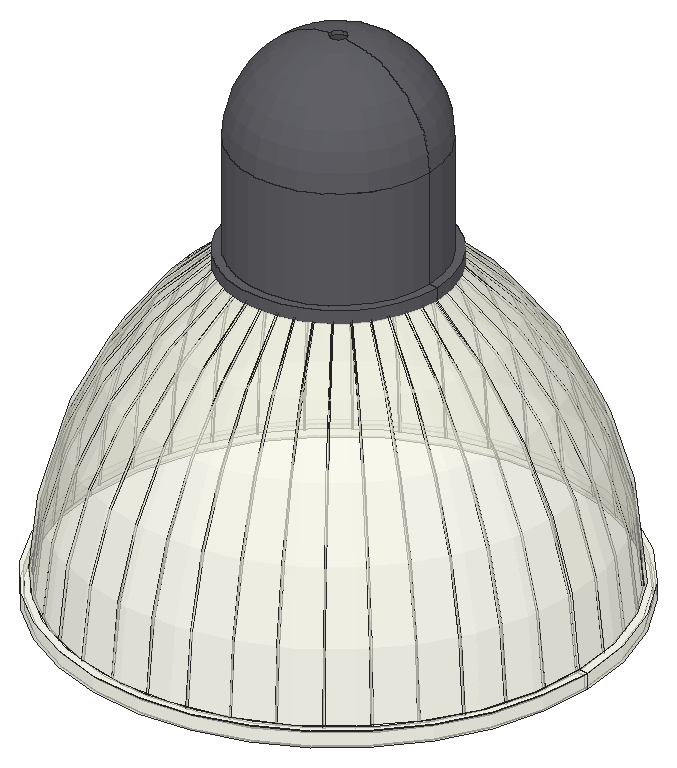
Revit family "PC16", category Lighting Fixtures, Revit 2024
Family settings
  Round Connector Dimension = Use Diameter
  Part Type = Normal
  OmniClass Number = 23.80.70.00
  OmniClass Title = Lighting
  Work Plane-Based = No
  Always vertical = Yes
  Cut with Voids When Loaded = No
  Light Source = No
  Maintain Annotation Orientation = No
  Shared = No
  Room Calculation Point = No
Parameters
  Default Elevation = 0' - 0"
Reference planes (in)
  plane 1 "Light Source Axis (F/B)": y = 0
  plane 2: z = 0
  plane 3 "Light Source Axis (L/R)": x = 0
  plane 4 "Light Source Elevation": z = 54
Forms (in)
  Sweep 1, solid, material "GLASS SHADE", not visible
    path origin (75.968, 0, 0.00093) x (1, 0, 0) y (0, 0, 1)
      loop
        arc (-4.5864, 68.3252) -> (-8.91952, 61.72019) -> (-10.59309, 54) r 21.63816
    profile origin (67.04848, 0, 61.72112) x (0.922209, 0, -0.386691) y (0, -1, 0)
      loop
        circle (0, 0) r 0.03125
  Revolve 2, solid, material "99"
    sketch origin (0, 0, 3.99846) x (1, 0, 0) y (0, 0, 1)
      loop
        line (0.25, 65.99083) -> (0.25, 65.89673)
        arc (0.25, 65.89673) -> (2.08781, 64.9884) -> (2.83025, 63.07754) r 2.83025
        line (2.83025, 63.07754) -> (2.83025, 59.78279) -> (3.09106, 59.78279) -> (3.09106, 59.50154) -> (3.18481, 59.50154) -> (3.18481, 59.87654) -> (2.924, 59.87654) -> (2.924, 63.07754)
        arc (2.924, 63.07754) -> (2.15415, 65.05476) -> (0.25, 65.99083) r 2.924
      axis (0, 65.99083) -> (0, 59.50154)
    angle from 0 to 360
  Revolve 3, solid, material "GLASS SHADE"
    sketch origin (0, 0, 0) x (1, 0, 0) y (0, 0, 1)
      loop
        line (3.09106, 63.5) -> (3.03534, 63.4246)
        arc (3.03534, 63.4246) -> (6.40912, 59.44947) -> (7.66133, 54.38823) r 11.40547
        line (7.66133, 54.38823) -> (7.90626, 54.38823) -> (7.90626, 54) -> (8.00001, 54) -> (8.00001, 54.48198) -> (7.75359, 54.48198)
        arc (7.75359, 54.48198) -> (6.47138, 59.53338) -> (3.09106, 63.5) r 11.49922
      axis (0, 54) -> (0, 63.5)
    angle from 0 to 360
  Sweep 4, solid, material "GLASS SHADE"
    path origin (0.01562, 0, 0) x (1, 0, 0) y (0, 0, 1)
      loop
        arc (-3.09106, 63.5) -> (-6.40802, 59.46166) -> (-7.66133, 54.38823) r 11.82937
    profile origin (-6.3924, 0, 59.46166) x (0.893862, 0, -0.448342) y (0, -1, 0)
      loop
        circle (0, 0) r 0.03125
  Sweep 5, solid, material "GLASS SHADE"
    path origin (0.01543, -0.00244, 0) x (0.987688, -0.156434, 0) y (0, 0, 1)
      loop
        arc (-3.09106, 63.5) -> (-6.40802, 59.46166) -> (-7.66133, 54.38823) r 11.82937
    profile origin (-6.31369, 0.99999, 59.46166) x (0.882857, -0.139831, -0.448342) y (-0.156434, -0.987688, 0)
      loop
        circle (0, 0) r 0.03125
  Sweep 6, solid, material "GLASS SHADE"
    path origin (0.01543, 0.00244, 0) x (0.987688, 0.156434, 0) y (0, 0, 1)
      loop
        arc (-3.09106, 63.5) -> (-6.40802, 59.46166) -> (-7.66133, 54.38823) r 11.82937
    profile origin (-6.31369, -0.99999, 59.46166) x (0.882857, 0.139831, -0.448342) y (0.156434, -0.987688, 0)
      loop
        circle (0, 0) r 0.03125
  Sweep 7, solid, material "GLASS SHADE"
    path origin (0.01486, 0.00483, 0) x (0.951057, 0.309017, 0) y (0, 0, 1)
      loop
        arc (-3.09106, 63.5) -> (-6.40802, 59.46166) -> (-7.66133, 54.38823) r 11.82937
    profile origin (-6.07953, -1.97536, 59.46166) x (0.850113, 0.276219, -0.448342) y (0.309017, -0.951057, 0)
      loop
        circle (0, 0) r 0.03125
  Sweep 8, solid, material "GLASS SHADE"
    path origin (0.01392, 0.00709, 0) x (0.891007, 0.45399, 0) y (0, 0, 1)
      loop
        arc (-3.09106, 63.5) -> (-6.40802, 59.46166) -> (-7.66133, 54.38823) r 11.82937
    profile origin (-5.69567, -2.90209, 59.46166) x (0.796437, 0.405805, -0.448342) y (0.45399, -0.891007, 0)
      loop
        circle (0, 0) r 0.03125
  Sweep 9, solid, material "GLASS SHADE"
    path origin (0.01264, 0.00918, 0) x (0.809017, 0.587785, 0) y (0, 0, 1)
      loop
        arc (-3.09106, 63.5) -> (-6.40802, 59.46166) -> (-7.66133, 54.38823) r 11.82937
    profile origin (-5.17156, -3.75736, 59.46166) x (0.72315, 0.525399, -0.448342) y (0.587785, -0.809017, 0)
      loop
        circle (0, 0) r 0.03125
  Sweep 10, solid, material "GLASS SHADE"
    path origin (0.01105, 0.01105, 0) x (0.707107, 0.707107, 0) y (0, 0, 1)
      loop
        arc (-3.09106, 63.5) -> (-6.40802, 59.46166) -> (-7.66133, 54.38823) r 11.82937
    profile origin (-4.52011, -4.52011, 59.46166) x (0.632056, 0.632056, -0.448342) y (0.707107, -0.707107, 0)
      loop
        circle (0, 0) r 0.03125
  Sweep 11, solid, material "GLASS SHADE"
    path origin (0.00918, 0.01264, 0) x (0.587785, 0.809017, 0) y (0, 0, 1)
      loop
        arc (-3.09106, 63.5) -> (-6.40802, 59.46166) -> (-7.66133, 54.38823) r 11.82937
    profile origin (-3.75736, -5.17156, 59.46166) x (0.525399, 0.72315, -0.448342) y (0.809017, -0.587785, 0)
      loop
        circle (0, 0) r 0.03125
  Sweep 12, solid, material "GLASS SHADE"
    path origin (0.00709, 0.01392, 0) x (0.45399, 0.891007, 0) y (0, 0, 1)
      loop
        arc (-3.09106, 63.5) -> (-6.40802, 59.46166) -> (-7.66133, 54.38823) r 11.82937
    profile origin (-2.90209, -5.69567, 59.46166) x (0.405805, 0.796437, -0.448342) y (0.891007, -0.45399, 0)
      loop
        circle (0, 0) r 0.03125
  Sweep 13, solid, material "GLASS SHADE"
    path origin (0.00483, 0.01486, 0) x (0.309017, 0.951057, 0) y (0, 0, 1)
      loop
        arc (-3.09106, 63.5) -> (-6.40802, 59.46166) -> (-7.66133, 54.38823) r 11.82937
    profile origin (-1.97536, -6.07953, 59.46166) x (0.276219, 0.850113, -0.448342) y (0.951057, -0.309017, 0)
      loop
        circle (0, 0) r 0.03125
  Sweep 14, solid, material "GLASS SHADE"
    path origin (0.00244, 0.01543, 0) x (0.156434, 0.987688, 0) y (0, 0, 1)
      loop
        arc (-3.09106, 63.5) -> (-6.40802, 59.46166) -> (-7.66133, 54.38823) r 11.82937
    profile origin (-0.99999, -6.31369, 59.46166) x (0.139831, 0.882857, -0.448342) y (0.987688, -0.156434, 0)
      loop
        circle (0, 0) r 0.03125
  Sweep 15, solid, material "GLASS SHADE"
    path origin (0, 0.01562, 0) x (0, 1, 0) y (0, 0, 1)
      loop
        arc (-3.09106, 63.5) -> (-6.40802, 59.46166) -> (-7.66133, 54.38823) r 11.82937
    profile origin (0, -6.3924, 59.46166) x (0, 0.893862, -0.448342) y (1, 0, 0)
      loop
        circle (0, 0) r 0.03125
  Sweep 16, solid, material "GLASS SHADE"
    path origin (-0.00244, 0.01543, 0) x (-0.156434, 0.987688, 0) y (0, 0, 1)
      loop
        arc (-3.09106, 63.5) -> (-6.40802, 59.46166) -> (-7.66133, 54.38823) r 11.82937
    profile origin (0.99999, -6.31369, 59.46166) x (-0.139831, 0.882857, -0.448342) y (0.987688, 0.156434, 0)
      loop
        circle (0, 0) r 0.03125
  Sweep 17, solid, material "GLASS SHADE"
    path origin (-0.00483, 0.01486, 0) x (-0.309017, 0.951057, 0) y (0, 0, 1)
      loop
        arc (-3.09106, 63.5) -> (-6.40802, 59.46166) -> (-7.66133, 54.38823) r 11.82937
    profile origin (1.97536, -6.07953, 59.46166) x (-0.276219, 0.850113, -0.448342) y (0.951057, 0.309017, 0)
      loop
        circle (0, 0) r 0.03125
  Sweep 18, solid, material "GLASS SHADE"
    path origin (-0.00709, 0.01392, 0) x (-0.45399, 0.891007, 0) y (0, 0, 1)
      loop
        arc (-3.09106, 63.5) -> (-6.40802, 59.46166) -> (-7.66133, 54.38823) r 11.82937
    profile origin (2.90209, -5.69567, 59.46166) x (-0.405805, 0.796437, -0.448342) y (0.891007, 0.45399, 0)
      loop
        circle (0, 0) r 0.03125
  Sweep 19, solid, material "GLASS SHADE"
    path origin (-0.00918, 0.01264, 0) x (-0.587785, 0.809017, 0) y (0, 0, 1)
      loop
        arc (-3.09106, 63.5) -> (-6.40802, 59.46166) -> (-7.66133, 54.38823) r 11.82937
    profile origin (3.75736, -5.17156, 59.46166) x (-0.525399, 0.72315, -0.448342) y (0.809017, 0.587785, 0)
      loop
        circle (0, 0) r 0.03125
  Sweep 20, solid, material "GLASS SHADE"
    path origin (-0.01105, 0.01105, 0) x (-0.707107, 0.707107, 0) y (0, 0, 1)
      loop
        arc (-3.09106, 63.5) -> (-6.40802, 59.46166) -> (-7.66133, 54.38823) r 11.82937
    profile origin (4.52011, -4.52011, 59.46166) x (-0.632056, 0.632056, -0.448342) y (0.707107, 0.707107, 0)
      loop
        circle (0, 0) r 0.03125
  Sweep 21, solid, material "GLASS SHADE"
    path origin (-0.01264, 0.00918, 0) x (-0.809017, 0.587785, 0) y (0, 0, 1)
      loop
        arc (-3.09106, 63.5) -> (-6.40802, 59.46166) -> (-7.66133, 54.38823) r 11.82937
    profile origin (5.17156, -3.75736, 59.46166) x (-0.72315, 0.525399, -0.448342) y (0.587785, 0.809017, 0)
      loop
        circle (0, 0) r 0.03125
  Sweep 22, solid, material "GLASS SHADE"
    path origin (-0.01392, 0.00709, 0) x (-0.891007, 0.45399, 0) y (0, 0, 1)
      loop
        arc (-3.09106, 63.5) -> (-6.40802, 59.46166) -> (-7.66133, 54.38823) r 11.82937
    profile origin (5.69567, -2.90209, 59.46166) x (-0.796437, 0.405805, -0.448342) y (0.45399, 0.891007, 0)
      loop
        circle (0, 0) r 0.03125
  Sweep 23, solid, material "GLASS SHADE"
    path origin (-0.01486, 0.00483, 0) x (-0.951057, 0.309017, 0) y (0, 0, 1)
      loop
        arc (-3.09106, 63.5) -> (-6.40802, 59.46166) -> (-7.66133, 54.38823) r 11.82937
    profile origin (6.07953, -1.97536, 59.46166) x (-0.850113, 0.276219, -0.448342) y (0.309017, 0.951057, 0)
      loop
        circle (0, 0) r 0.03125
  Sweep 24, solid, material "GLASS SHADE"
    path origin (-0.01543, 0.00244, 0) x (-0.987688, 0.156434, 0) y (0, 0, 1)
      loop
        arc (-3.09106, 63.5) -> (-6.40802, 59.46166) -> (-7.66133, 54.38823) r 11.82937
    profile origin (6.31369, -0.99999, 59.46166) x (-0.882857, 0.139831, -0.448342) y (0.156434, 0.987688, 0)
      loop
        circle (0, 0) r 0.03125
  Sweep 25, solid, material "GLASS SHADE"
    path origin (-0.01562, 0, 0) x (-1, 0, 0) y (0, 0, 1)
      loop
        arc (-3.09106, 63.5) -> (-6.40802, 59.46166) -> (-7.66133, 54.38823) r 11.82937
    profile origin (6.3924, 0, 59.46166) x (-0.893862, 0, -0.448342) y (0, 1, 0)
      loop
        circle (0, 0) r 0.03125
  Sweep 26, solid, material "GLASS SHADE"
    path origin (-0.01543, -0.00244, 0) x (-0.987688, -0.156434, 0) y (0, 0, 1)
      loop
        arc (-3.09106, 63.5) -> (-6.40802, 59.46166) -> (-7.66133, 54.38823) r 11.82937
    profile origin (6.31369, 0.99999, 59.46166) x (-0.882857, -0.139831, -0.448342) y (-0.156434, 0.987688, 0)
      loop
        circle (0, 0) r 0.03125
  Sweep 27, solid, material "GLASS SHADE"
    path origin (-0.01486, -0.00483, 0) x (-0.951057, -0.309017, 0) y (0, 0, 1)
      loop
        arc (-3.09106, 63.5) -> (-6.40802, 59.46166) -> (-7.66133, 54.38823) r 11.82937
    profile origin (6.07953, 1.97536, 59.46166) x (-0.850113, -0.276219, -0.448342) y (-0.309017, 0.951057, 0)
      loop
        circle (0, 0) r 0.03125
  Sweep 28, solid, material "GLASS SHADE"
    path origin (-0.01392, -0.00709, 0) x (-0.891007, -0.45399, 0) y (0, 0, 1)
      loop
        arc (-3.09106, 63.5) -> (-6.40802, 59.46166) -> (-7.66133, 54.38823) r 11.82937
    profile origin (5.69567, 2.90209, 59.46166) x (-0.796437, -0.405805, -0.448342) y (-0.45399, 0.891007, 0)
      loop
        circle (0, 0) r 0.03125
  Sweep 29, solid, material "GLASS SHADE"
    path origin (-0.01264, -0.00918, 0) x (-0.809017, -0.587785, 0) y (0, 0, 1)
      loop
        arc (-3.09106, 63.5) -> (-6.40802, 59.46166) -> (-7.66133, 54.38823) r 11.82937
    profile origin (5.17156, 3.75736, 59.46166) x (-0.72315, -0.525399, -0.448342) y (-0.587785, 0.809017, 0)
      loop
        circle (0, 0) r 0.03125
  Sweep 30, solid, material "GLASS SHADE"
    path origin (-0.01105, -0.01105, 0) x (-0.707107, -0.707107, 0) y (0, 0, 1)
      loop
        arc (-3.09106, 63.5) -> (-6.40802, 59.46166) -> (-7.66133, 54.38823) r 11.82937
    profile origin (4.52011, 4.52011, 59.46166) x (-0.632056, -0.632056, -0.448342) y (-0.707107, 0.707107, 0)
      loop
        circle (0, 0) r 0.03125
  Sweep 31, solid, material "GLASS SHADE"
    path origin (-0.00918, -0.01264, 0) x (-0.587785, -0.809017, 0) y (0, 0, 1)
      loop
        arc (-3.09106, 63.5) -> (-6.40802, 59.46166) -> (-7.66133, 54.38823) r 11.82937
    profile origin (3.75736, 5.17156, 59.46166) x (-0.525399, -0.72315, -0.448342) y (-0.809017, 0.587785, 0)
      loop
        circle (0, 0) r 0.03125
  Sweep 32, solid, material "GLASS SHADE"
    path origin (-0.00709, -0.01392, 0) x (-0.45399, -0.891007, 0) y (0, 0, 1)
      loop
        arc (-3.09106, 63.5) -> (-6.40802, 59.46166) -> (-7.66133, 54.38823) r 11.82937
    profile origin (2.90209, 5.69567, 59.46166) x (-0.405805, -0.796437, -0.448342) y (-0.891007, 0.45399, 0)
      loop
        circle (0, 0) r 0.03125
  Sweep 33, solid, material "GLASS SHADE"
    path origin (-0.00483, -0.01486, 0) x (-0.309017, -0.951057, 0) y (0, 0, 1)
      loop
        arc (-3.09106, 63.5) -> (-6.40802, 59.46166) -> (-7.66133, 54.38823) r 11.82937
    profile origin (1.97536, 6.07953, 59.46166) x (-0.276219, -0.850113, -0.448342) y (-0.951057, 0.309017, 0)
      loop
        circle (0, 0) r 0.03125
  Sweep 34, solid, material "GLASS SHADE"
    path origin (-0.00244, -0.01543, 0) x (-0.156434, -0.987688, 0) y (0, 0, 1)
      loop
        arc (-3.09106, 63.5) -> (-6.40802, 59.46166) -> (-7.66133, 54.38823) r 11.82937
    profile origin (0.99999, 6.31369, 59.46166) x (-0.139831, -0.882857, -0.448342) y (-0.987688, 0.156434, 0)
      loop
        circle (0, 0) r 0.03125
  Sweep 35, solid, material "GLASS SHADE"
    path origin (0, -0.01562, 0) x (0, -1, 0) y (0, 0, 1)
      loop
        arc (-3.09106, 63.5) -> (-6.40802, 59.46166) -> (-7.66133, 54.38823) r 11.82937
    profile origin (0, 6.3924, 59.46166) x (0, -0.893862, -0.448342) y (-1, 0, 0)
      loop
        circle (0, 0) r 0.03125
  Sweep 36, solid, material "GLASS SHADE"
    path origin (0.00244, -0.01543, 0) x (0.156434, -0.987688, 0) y (0, 0, 1)
      loop
        arc (-3.09106, 63.5) -> (-6.40802, 59.46166) -> (-7.66133, 54.38823) r 11.82937
    profile origin (-0.99999, 6.31369, 59.46166) x (0.139831, -0.882857, -0.448342) y (-0.987688, -0.156434, 0)
      loop
        circle (0, 0) r 0.03125
  Sweep 37, solid, material "GLASS SHADE"
    path origin (0.00483, -0.01486, 0) x (0.309017, -0.951057, 0) y (0, 0, 1)
      loop
        arc (-3.09106, 63.5) -> (-6.40802, 59.46166) -> (-7.66133, 54.38823) r 11.82937
    profile origin (-1.97536, 6.07953, 59.46166) x (0.276219, -0.850113, -0.448342) y (-0.951057, -0.309017, 0)
      loop
        circle (0, 0) r 0.03125
  Sweep 38, solid, material "GLASS SHADE"
    path origin (0.00709, -0.01392, 0) x (0.45399, -0.891007, 0) y (0, 0, 1)
      loop
        arc (-3.09106, 63.5) -> (-6.40802, 59.46166) -> (-7.66133, 54.38823) r 11.82937
    profile origin (-2.90209, 5.69567, 59.46166) x (0.405805, -0.796437, -0.448342) y (-0.891007, -0.45399, 0)
      loop
        circle (0, 0) r 0.03125
  Sweep 39, solid, material "GLASS SHADE"
    path origin (0.00918, -0.01264, 0) x (0.587785, -0.809017, 0) y (0, 0, 1)
      loop
        arc (-3.09106, 63.5) -> (-6.40802, 59.46166) -> (-7.66133, 54.38823) r 11.82937
    profile origin (-3.75736, 5.17156, 59.46166) x (0.525399, -0.72315, -0.448342) y (-0.809017, -0.587785, 0)
      loop
        circle (0, 0) r 0.03125
  Sweep 40, solid, material "GLASS SHADE"
    path origin (0.01105, -0.01105, 0) x (0.707107, -0.707107, 0) y (0, 0, 1)
      loop
        arc (-3.09106, 63.5) -> (-6.40802, 59.46166) -> (-7.66133, 54.38823) r 11.82937
    profile origin (-4.52011, 4.52011, 59.46166) x (0.632056, -0.632056, -0.448342) y (-0.707107, -0.707107, 0)
      loop
        circle (0, 0) r 0.03125
  Sweep 41, solid, material "GLASS SHADE"
    path origin (0.01264, -0.00918, 0) x (0.809017, -0.587785, 0) y (0, 0, 1)
      loop
        arc (-3.09106, 63.5) -> (-6.40802, 59.46166) -> (-7.66133, 54.38823) r 11.82937
    profile origin (-5.17156, 3.75736, 59.46166) x (0.72315, -0.525399, -0.448342) y (-0.587785, -0.809017, 0)
      loop
        circle (0, 0) r 0.03125
  Sweep 42, solid, material "GLASS SHADE"
    path origin (0.01392, -0.00709, 0) x (0.891007, -0.45399, 0) y (0, 0, 1)
      loop
        arc (-3.09106, 63.5) -> (-6.40802, 59.46166) -> (-7.66133, 54.38823) r 11.82937
    profile origin (-5.69567, 2.90209, 59.46166) x (0.796437, -0.405805, -0.448342) y (-0.45399, -0.891007, 0)
      loop
        circle (0, 0) r 0.03125
  Sweep 43, solid, material "GLASS SHADE"
    path origin (0.01486, -0.00483, 0) x (0.951057, -0.309017, 0) y (0, 0, 1)
      loop
        arc (-3.09106, 63.5) -> (-6.40802, 59.46166) -> (-7.66133, 54.38823) r 11.82937
    profile origin (-6.07953, 1.97536, 59.46166) x (0.850113, -0.276219, -0.448342) y (-0.309017, -0.951057, 0)
      loop
        circle (0, 0) r 0.03125
Dimensions and locks (in)
  aligned and locked: level to plane 2
